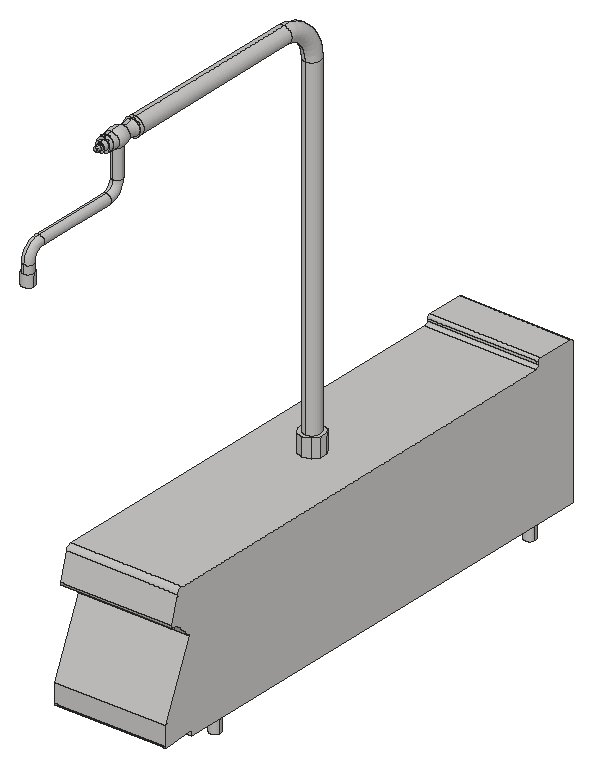
Revit family "QF_ZANUSSI_206380_WTNWTCT9Z", category Specialty Equipment, Revit 2018
Family settings
  Round Connector Dimension = Use Diameter
  Part Type = Normal
  Work Plane-Based = No
  Always vertical = Yes
  Cut with Voids When Loaded = No
  Shared = No
  Room Calculation Point = No
Parameters
  Weight = 0.00 kg
  Watts = 18.5806 W
  Volts = 230 V
  URL Manufacturer = "http://professional.electrolux.com/"
  URL = "http://professional.electrolux.com/"
  Steam Supply Size = 0"
  Steam Supply Minimum Pressure = 0.00 psi
  Steam Supply Maximum Pressure = 0.00 psi
  Steam Pounds per Hour = 0
  Refrigeration Suction Line Size = 0"
  Refrigeration Liquid Line Size = 0"
  Refrigerant Compressor Remote = yes
  Phase = 1
  Model = "WTNWTCT9Z"
  Manufacturer = "Zanussi"
  Length Actual = 200 mm  # constant formula
  Item Number = "206380"
  Hot Water Size = 0"
  Height Actual = 250 mm  # constant formula
  HP = "0,3 HP"
  Gas Size = 0"
  Gas KW = 0
  Gas Input Pressure = 0.0 Btu/h
  Description = "WORKTOP 200MM+WATER COLUMN+LT COUNT-900"
  Depth Actual = 900 mm  # constant formula
  Cycle = 0 Hz
  Condensate Return Size = 0"
  Compressed Air Volume = 0 GPM
  Compressed Air Size = 0"
  Compressed Air Pressure = 0.00 psi
  Cold Water Size = 0"
  Accessory = yes
Reference planes
  plane 1 "BACK": y = 0
  plane 2: z = 625
  plane 3 "LEFT": x = 0
  plane 4 "RIGHT": x = 200
  plane 5 "FRONT": y = -915
  plane 6 "TOP": z = 900
  plane 7 "Center Y": x = 100
  plane 8 "Center X": y = -457.5
  plane 9: z = 650
  plane 10: z = 1313
  plane 11: y = -82
  plane 12: y = -790
Forms (mm)
  Extrusion 1, solid, material "QF_Finishes_Stainless Steel"
    sketch origin (0, 0, 625) x (0, 1, 0) y (0, 0, 1)
      loop
        arc (-70.257, 289.458) -> (-73.771, 288.002) -> (-75.227, 284.488) r 4.97
        line (-75.227, 284.488) -> (-75.227, 280.454)
        arc (-75.227, 280.454) -> (-76.824, 276.597) -> (-80.681, 275) r 5.454
        line (-80.681, 275) -> (-877.207, 275)
        arc (-877.207, 275) -> (-883.903, 272.727) -> (-887.832, 266.848) r 11
        line (-887.832, 266.848) -> (-900.149, 220.895)
        arc (-900.149, 220.895) -> (-899.226, 217.123) -> (-895.55, 215.875) r 4.036
        line (-895.55, 215.875) -> (-889.182, 216.997) -> (-859.407, 187.223) -> (-915, 66.438) -> (-915, 32.889)
        arc (-915, 32.889) -> (-913.842, 30.288) -> (-911.134, 29.408) r 3.5
        line (-911.134, 29.408) -> (-856, 35.203) -> (-856, 25) -> (0, 25) -> (0, 285.5)
        arc (0, 285.5) -> (-1.164, 288.321) -> (-3.978, 289.5) r 4
        line (-3.978, 289.5) -> (-70.292, 289.5)
    from 0 to 200
  Extrusion 2, solid, material "QF_Finishes_Stainless Steel"
    sketch origin (0, 0, 625) x (1, 0, 0) y (0, 1, 0)
      loop
        circle (11, -82) r 9.525
      loop
        circle (11, -790) r 9.525
      loop
        circle (189, -82) r 9.525
      loop
        circle (189, -790) r 9.525
    from 0 to 25
  Extrusion 3, void
    sketch origin (0, 0, 0) x (1, 0, 0) y (0, 1, 0)
      loop
        line (174.475, -475) -> (174.475, -5) -> (25.75, -5) -> (25.75, -475) -> (174.475, -475)
    from 650 to 740.107
  Extrusion 4, solid, material "QF_Finishes_Stainless Steel"
    sketch origin (0, -80.681, 900) x (0, -1, 0) y (1, 0, 0)
      loop
        line (386.267, 78.729) -> (397.51, 86.897) -> (401.804, 100.113) -> (397.51, 113.329) -> (386.267, 121.497) -> (372.371, 121.497) -> (361.129, 113.329) -> (356.835, 100.113) -> (361.129, 86.897) -> (372.371, 78.729) -> (386.267, 78.729)
    from 0 to 33.172
  Sweep 5, solid, material "QF_Finishes_Stainless Steel"
    path origin (100, 175.397, 1219.2) x (0, 1, 0) y (0, 0, 1)
      loop
        line (-635.397, -286.028) -> (-635.397, 315.506)
        arc (-635.397, 315.506) -> (-654.435, 361.468) -> (-700.397, 380.506) r 65
        line (-700.397, 380.506) -> (-1034.618, 380.506)
    profile origin (100, -460, 1233.939) x (0, -1, 0) y (1, 0, 0)
      loop
        circle (0, 0) r 15
  Revolve 6, solid, material "QF_Finishes_Stainless Steel"
    sketch origin (100, 175.397, 1219.2) x (0, 1, 0) y (0, 0, 1)
      loop
        line (-1034.618, 396.495) -> (-1040.614, 396.495) -> (-1040.614, 393.846)
        arc (-1040.614, 393.846) -> (-1051.288, 391.581) -> (-1061.962, 393.846) r 26.279
        arc (-1061.962, 393.846) -> (-1074.462, 396.499) -> (-1086.962, 393.846) r 30.775
        line (-1086.962, 393.846) -> (-1097.574, 393.846) -> (-1097.574, 392.498) -> (-1104.569, 392.498) -> (-1104.569, 389.027) -> (-1112.564, 389.027) -> (-1112.564, 385.503) -> (-1115.062, 385.503) -> (-1115.062, 384.004) -> (-1122.057, 384.004) -> (-1122.057, 380.506) -> (-1034.618, 380.506) -> (-1034.618, 396.495)
      axis (-1034.618, 380.506) -> (-1122.057, 380.506)
    angle from 0 to 360
  Sweep 7, solid, material "QF_Finishes_Stainless Steel"
    path origin (100, 175.397, 1219.2) x (0, 1, 0) y (0, 0, 1)
      loop
        line (-1274.451, 250.597) -> (-1274.451, 265.569)
        arc (-1274.451, 265.569) -> (-1267.128, 283.247) -> (-1249.451, 290.569) r 25
        line (-1249.451, 290.569) -> (-1099.59, 290.569)
        arc (-1099.59, 290.569) -> (-1081.913, 297.891) -> (-1074.59, 315.569) r 25
        line (-1074.59, 315.569) -> (-1074.59, 368.448)
    profile origin (100, -899.193, 1561.209) x (0, -1, 0) y (1, 0, 0)
      loop
        circle (0, 0) r 9
  Extrusion 8, solid, material "QF_Finishes_Stainless Steel"
    sketch origin (100, -1099.053, 1469.797) x (1, 0, 0) y (0, -1, 0)
      loop
        circle (0, 0) r 10.985
    from 0 to 19.987
  Extrusion 9, solid, material "QF_Finishes_Stainless Steel"
    sketch origin (174.475, -475, 0) x (-1, 0, 0) y (0, 0, 1)
      loop
        circle (75.475, 674) r 10
    from 0 to 20
  Extrusion 10, solid, material "QF_Finishes_Stainless Steel"
    sketch origin (174.475, -475, 0) x (-1, 0, 0) y (0, 0, 1)
      loop
        circle (123.475, 728) r 8
    from 10 to 0
Cuts and joins
  Extrusion 3 cuts Extrusion 1
  joined: Extrusion 4, Sweep 5, Revolve 6, Sweep 7, Extrusion 8
Lines and regions (mm)
  Split face 1
    outline origin (0, -915, 691.438) x (0, 0.418102, 0.9084) y (-1, 0, 0)
      loop
        line (86.875, -190.113) -> (86.875, -10.113) -> (16.972, -10.113) -> (16.972, -190.113) -> (86.875, -190.113)
  Split face 2
    outline origin (0, -915, 691.438) x (0, 0.418102, 0.9084) y (-1, 0, 0)
      loop
        line (71.936, -77.53) -> (81.922, -77.53) -> (81.922, -67.53) -> (71.936, -67.53) -> (71.936, -77.53)
  Split face 3
    outline origin (0, -915, 691.438) x (0, 0.418102, 0.9084) y (-1, 0, 0)
      loop
        line (81.922, -85.113) -> (71.936, -85.113) -> (71.936, -115.113) -> (81.922, -115.113) -> (81.922, -85.113)
  Split face 4
    outline origin (0, -915, 691.438) x (0, 0.418102, 0.9084) y (-1, 0, 0)
      loop
        line (58.012, -85.113) -> (58.012, -95.113) -> (67.998, -95.113) -> (67.998, -85.113) -> (58.012, -85.113)
  symbolic lines
    curve 1: line (0, 0, 0) -> (200, 0, 0)
    curve 2: line (0, -915, 0) -> (0, 0, 0)
    curve 3: line (200, -915, 0) -> (113.34, -915, 0)
    curve 4: line (200, 0, 0) -> (200, -915, 0)
    curve 5: line (200, -900, 0) -> (115.944, -900, 0)
    curve 6: line (10.113, -907.904, 0) -> (10.113, -900, 0)
    curve 7: line (10.113, -907.904, 0) -> (85.262, -907.904, 0)
    curve 8: line (114.738, -907.904, 0) -> (190.113, -907.904, 0)
    curve 9: line (190.113, -907.904, 0) -> (190.113, -900, 0)
    curve 10: line (100.113, -437.516, 0) -> (86.897, -441.81, 0)
    curve 11: line (86.897, -441.81, 0) -> (78.729, -453.052, 0)
    curve 12: line (78.729, -453.052, 0) -> (78.729, -466.948, 0)
    curve 13: line (78.729, -466.948, 0) -> (85, -475.579, 0)
    curve 14: line (115, -475.89, 0) -> (121.497, -466.948, 0)
    curve 15: line (121.497, -466.948, 0) -> (121.497, -453.052, 0)
    curve 16: line (121.497, -453.052, 0) -> (113.329, -441.81, 0)
    curve 17: line (113.329, -441.81, 0) -> (100.113, -437.516, 0)
    curve 18: arc (85, -460, 0) -> (100, -445, 0) -> (115, -460, 0) r 15
    curve 19: line (85, -460, 0) -> (85, -859.221, 0)
    curve 20: line (84.011, -859.221, 0) -> (115.989, -859.221, 0)
    curve 21: line (84.011, -865.217, 0) -> (115.989, -865.217, 0)
    curve 22: line (86.66, -922.177, 0) -> (113.34, -922.177, 0)
    curve 23: line (88.008, -929.172, 0) -> (111.992, -929.172, 0)
    curve 24: line (91.479, -937.166, 0) -> (108.521, -937.166, 0)
    curve 25: line (95.003, -939.665, 0) -> (104.997, -939.665, 0)
    curve 26: line (96.502, -946.66, 0) -> (103.498, -946.66, 0)
    curve 27: arc (109, -1092.498, 0) -> (99.956, -1109.736, 0) -> (91, -1092.452, 0) r 10.977
    curve 28: arc (109, -1099.053, 0) -> (100, -1108.053, 0) -> (91, -1099.053, 0) r 9
    curve 29: line (91, -1099.053, 0) -> (91, -929.172, 0)
    curve 30: line (91.479, -937.166, 0) -> (91.479, -929.172, 0)
    curve 31: line (95.003, -939.665, 0) -> (95.003, -937.166, 0)
    curve 32: line (96.502, -946.66, 0) -> (96.502, -939.665, 0)
    curve 33: line (103.498, -946.66, 0) -> (103.498, -939.665, 0)
    curve 34: line (104.997, -939.665, 0) -> (104.997, -937.166, 0)
    curve 35: line (108.521, -937.166, 0) -> (108.521, -929.172, 0)
    curve 36: line (111.992, -929.172, 0) -> (111.992, -922.177, 0)
    curve 37: line (113.34, -922.177, 0) -> (113.34, -911.564, 0)
    curve 38: line (115.989, -859.221, 0) -> (115.989, -865.217, 0)
    curve 39: line (109, -1099.053, 0) -> (109, -929.172, 0)
    curve 40: line (86.66, -922.177, 0) -> (86.66, -911.564, 0)
    curve 41: line (86.66, -911.564, 0) -> (113.34, -911.564, 0)
    curve 42: line (88.008, -929.172, 0) -> (88.008, -922.177, 0)
    curve 43: line (84.011, -859.221, 0) -> (84.011, -865.217, 0)
    curve 44: line (115, -460, 0) -> (115, -859.221, 0)
    curve 45: line (86.66, -915, 0) -> (0, -915, 0)
    curve 46: line (84.056, -900, 0) -> (0, -900, 0)
    curve 47: line (0, -75, 0) -> (200, -75, 0)
    curve 48: arc (113.34, -865.217, 0) -> (110.925, -876.709, 0) -> (113.435, -888.182, 0) r 28
    curve 49: arc (113.435, -888.182, 0) -> (115.945, -899.883, 0) -> (113.34, -911.564, 0) r 28
    curve 50: arc (86.66, -865.217, 0) -> (89.075, -876.709, 0) -> (86.565, -888.182, 0) r 28
    curve 51: arc (86.565, -888.182, 0) -> (84.055, -899.883, 0) -> (86.66, -911.564, 0) r 28
  symbolic lines, style "QF_Door-Drawer Clearances"
    curve 52: circle (100, -899.196, 0) r 200 normal (0, 0, 1)
    curve 53: arc (-447.423, -790, 0) -> (100, -1099.196, 0) -> (647.423, -790, 0) r 639.196
Dimensions and locks
  equal spacing: plane 3 "LEFT", plane 7 "Center Y", plane 4 "RIGHT"
  plane 3 "LEFT" to plane 4 "RIGHT" = 200 mm
  equal spacing: plane 5 "FRONT", plane 8 "Center X", plane 1 "BACK"
  plane 5 "FRONT" to plane 1 "BACK" = 915 mm  (x2)
  plane 6 "TOP" to level = 900 mm
  plane 9 to level = 650 mm  (x2)
  plane 6 "TOP" to plane 9 = 250 mm  (x3)
  plane 10 to level = 1313 mm
  plane 10 to plane 9 = 663 mm
  plane 1 "BACK" to plane 5 "FRONT" = 915 mm  (x2)
  plane 5 "FRONT" to plane 12 to plane 11 to plane 1 "BACK" = 125 mm, 708 mm, 82 mm
  plane 9 to plane 2 = 25 mm
  plane 1 "BACK" to plane 11 = 82 mm
  plane 12 to plane 5 "FRONT" = 125 mm
  plane 10 to plane 6 "TOP" = 413 mm
  level to plane 6 "TOP" = 900 mm
  Extrusion 1 sketch curve to Extrusion 1 sketch curve = 39.496 mm
  Extrusion 1 sketch curve to Extrusion 1 sketch curve = 55.438 mm
  Extrusion 1 sketch curve to Extrusion 1 sketch curve = 5.296 mm
  plane 9 to Extrusion 9 sketch curve = 24 mm
  Extrusion 9 sketch curve to plane 3 "LEFT" = 99 mm
  plane 9 to Extrusion 10 sketch curve = 78 mm
  Extrusion 10 sketch curve to plane 3 "LEFT" = 51 mm
  radius of Extrusion 1 sketch curve = 4.036 mm
Automatic sketch dimensions
  Extrusion 2 sketch curve to plane 12 = 0 mm  (x2)
  plane 11 to Extrusion 2 sketch curve = 0 mm  (x2)
  plane 4 "RIGHT" to Extrusion 2 sketch curve = 11 mm  (x2)
  plane 3 "LEFT" to Extrusion 2 sketch curve = 11 mm  (x2)
  Extrusion 1 sketch curve to plane 5 "FRONT" = 0 mm
  Extrusion 1 sketch curve to Extrusion 1 sketch curve = 3.5 mm
  Extrusion 1 sketch curve to plane 5 "FRONT" = 14.851 mm
  Extrusion 1 sketch curve to Extrusion 1 sketch curve = 3.899 mm
  Extrusion 1 sketch curve to Extrusion 1 sketch curve = 0.701 mm
  Extrusion 1 sketch curve to Extrusion 1 sketch curve = 6.368 mm
  Extrusion 1 sketch curve to plane 5 "FRONT" = 27.168 mm
  Extrusion 1 sketch curve to Extrusion 1 sketch curve = 10.625 mm
  level to Extrusion 1 sketch curve = 650 mm
  Extrusion 1 sketch curve to plane 11 = 1.319 mm
  Extrusion 1 sketch curve to Extrusion 1 sketch curve = 5.454 mm
  Extrusion 1 sketch curve to Extrusion 1 sketch curve = 4.97 mm
  Extrusion 1 sketch curve to Extrusion 1 sketch curve = 0.022 mm
  plane 1 "BACK" to Extrusion 1 sketch curve = 0 mm
  level to Extrusion 1 sketch curve = 657.889 mm
  Extrusion 1 sketch curve to Extrusion 1 sketch curve = 10.203 mm
  Extrusion 1 sketch curve to Extrusion 1 sketch curve = 33.549 mm
  Extrusion 1 sketch curve to Extrusion 1 sketch curve = 28.652 mm
  Extrusion 1 sketch curve to Extrusion 1 sketch curve = 1.122 mm
  Extrusion 1 sketch curve to Extrusion 1 sketch curve = 44.15 mm
  Extrusion 1 sketch curve to Extrusion 1 sketch curve = 2.848 mm
  Extrusion 1 sketch curve to Extrusion 1 sketch curve = 4.034 mm
  Extrusion 1 sketch curve to Extrusion 1 sketch curve = 1.012 mm
  Extrusion 1 sketch curve to Extrusion 1 sketch curve = 4 mm
  Extrusion 1 sketch curve to Extrusion 1 sketch curve = 0.366 mm
  Extrusion 1 sketch curve to Extrusion 1 sketch curve = 0 mm  (x2)
  Extrusion 1 sketch curve to Extrusion 1 sketch curve = 0.036 mm  (x2)
  plane 3 "LEFT" to Extrusion 3 sketch curve = 25.75 mm
  plane 1 "BACK" to Extrusion 3 sketch curve = 5 mm
  plane 4 "RIGHT" to Extrusion 3 sketch curve = 25.525 mm
  Extrusion 3 sketch curve to plane 8 "Center X" = 17.5 mm
  Extrusion 1 to Extrusion 4 sketch curve = 99.887 mm  (x2)
  Extrusion 1 to Extrusion 4 sketch curve = 356.835 mm
  Extrusion 4 sketch curve to Extrusion 4 sketch curve = 4.294 mm  (x4)
  Extrusion 1 to Extrusion 4 sketch curve = 86.897 mm  (x2)
  Extrusion 4 sketch curve to Extrusion 4 sketch curve = 11.242 mm  (x4)
  Extrusion 1 to Extrusion 4 sketch curve = 86.671 mm  (x2)
  Extrusion 1 to Extrusion 4 sketch curve = 78.503 mm
  Extrusion 4 sketch curve to Extrusion 4 sketch curve = 13.896 mm
  Extrusion 1 to Extrusion 4 sketch curve = 78.729 mm
  Sweep 5 sketch curve to plane 8 "Center X" = 67.5 mm
  plane 10 to Sweep 5 sketch curve = 221.706 mm
  Sweep 5 sketch curve to plane 5 "FRONT" = 55.779 mm
  Sweep 5 sketch curve to plane 8 "Center X" = 2.5 mm
  Sweep 5 sketch curve to Sweep 5 sketch curve = 0 mm
  plane 6 "TOP" to Sweep 5 sketch curve = 33.172 mm
  Sweep 5 sketch curve to plane 7 "Center Y" = 0 mm
  Sweep 5 sketch curve to profile plane = 0 mm
  plane 5 "FRONT" to Sweep 7 sketch curve = 159.053 mm
  plane 5 "FRONT" to Sweep 7 sketch curve = 9.193 mm
  Sweep 7 sketch curve to plane 5 "FRONT" = 15.807 mm
  plane 10 to Sweep 7 sketch curve = 171.769 mm
  Sweep 7 sketch curve to Sweep 7 sketch curve = 25 mm
  Sweep 7 sketch curve to Sweep 7 sketch curve = 14.972 mm  (x2)
  Sweep 7 sketch curve to Sweep 7 sketch curve = 52.879 mm
  Sweep 7 sketch curve to plane 7 "Center Y" = 0 mm
  Sweep 7 sketch curve to profile plane = 0 mm
  Split face 1 sketch curve to Extrusion 1 = 10.113 mm
  Extrusion 1 to Split face 1 sketch curve = 46.09 mm
  Split face 1 sketch curve to Extrusion 1 = 16.972 mm
  Split face 1 sketch curve to Extrusion 1 = 9.887 mm
  Extrusion 1 to Split face 2 sketch curve = 61.029 mm
  Split face 2 sketch curve to Extrusion 1 = 67.53 mm
  Split face 2 sketch curve to Split face 2 sketch curve = 9.986 mm
  Split face 2 sketch curve to Split face 2 sketch curve = 10 mm
  Extrusion 1 to Split face 3 sketch curve = 51.043 mm
  Split face 3 sketch curve to Extrusion 1 = 84.887 mm
  Split face 3 sketch curve to Split face 3 sketch curve = 9.986 mm
  Split face 3 sketch curve to Split face 3 sketch curve = 30 mm
  Split face 4 sketch curve to Extrusion 1 = 58.012 mm
  Split face 4 sketch curve to Split face 4 sketch curve = 9.986 mm
  Split face 4 sketch curve to Extrusion 1 = 95.113 mm
  Split face 4 sketch curve to Split face 4 sketch curve = 10 mm
  plane 5 "FRONT" to Revolve 6 sketch curve = 31.66 mm
  Revolve 6 sketch curve to Revolve 6 sketch curve = 6.995 mm  (x2)
  Revolve 6 sketch curve to Revolve 6 sketch curve = 2.498 mm
  Revolve 6 sketch curve to Revolve 6 sketch curve = 7.994 mm
  Revolve 6 sketch curve to plane 5 "FRONT" = 3.436 mm
  Revolve 6 sketch curve to plane 5 "FRONT" = 15.936 mm
  Revolve 6 sketch curve to plane 5 "FRONT" = 39.11 mm
  Revolve 6 sketch curve to Revolve 6 sketch curve = 10.674 mm
  Revolve 6 sketch curve to Revolve 6 sketch curve = 5.996 mm
  plane 10 to Revolve 6 sketch curve = 271.924 mm
  Revolve 6 sketch curve to Revolve 6 sketch curve = 14.782 mm
  Revolve 6 sketch curve to Revolve 6 sketch curve = 3.498 mm
  Revolve 6 sketch curve to Revolve 6 sketch curve = 1.499 mm
  Revolve 6 sketch curve to Revolve 6 sketch curve = 3.524 mm
  Revolve 6 sketch curve to Revolve 6 sketch curve = 3.47 mm
  Revolve 6 sketch curve to Revolve 6 sketch curve = 1.348 mm
  Revolve 6 sketch curve to Revolve 6 sketch curve = 15.989 mm
  Revolve 6 sketch curve to Revolve 6 sketch curve = 21.364 mm
  Revolve 6 sketch curve to Revolve 6 sketch curve = 0 mm  (x3)
  Revolve 6 sketch curve to Revolve 6 sketch curve = 5 mm
  curve 18 to curve 53 = 0 mm  (x2)
  curve 53 to plane 12 = 0 mm  (x2)
  plane 1 "BACK" to curve 1 = 0 mm
  curve 1 to plane 3 "LEFT" = 0 mm
  plane 5 "FRONT" to curve 45 = 0 mm
  curve 18 to plane 7 "Center Y" = 0 mm
  curve 28 to plane 7 "Center Y" = 0 mm
  plane 5 "FRONT" to curve 3 = 0 mm
  curve 4 to plane 4 "RIGHT" = 0 mm
  plane 3 "LEFT" to curve 7 = 10.113 mm
  curve 50 to plane 7 "Center Y" = 38.924 mm
  plane 8 "Center X" to curve 11 = 4.448 mm
  curve 11 to plane 7 "Center Y" = 21.271 mm
  curve 21 to plane 7 "Center Y" = 15.989 mm
  curve 19 to plane 8 "Center X" = 2.5 mm
  curve 11 to curve 19 = 6.271 mm
  curve 22 to plane 7 "Center Y" = 13.34 mm
  curve 11 to plane 7 "Center Y" = 13.103 mm
  curve 40 to curve 49 = 1.285 mm
  curve 22 to curve 42 = 1.348 mm
  curve 29 to plane 7 "Center Y" = 9 mm
  curve 29 to curve 24 = 0.479 mm
  curve 24 to curve 25 = 3.524 mm
  curve 32 to plane 7 "Center Y" = 3.498 mm
  curve 27 to plane 7 "Center Y" = 0.016 mm
  plane 7 "Center Y" to curve 52 = 0 mm
  plane 7 "Center Y" to curve 10 = 0.113 mm
  plane 7 "Center Y" to curve 33 = 3.498 mm
  curve 33 to curve 34 = 1.499 mm
  curve 34 to curve 24 = 3.524 mm
  curve 39 to curve 23 = 2.992 mm
  plane 7 "Center Y" to curve 51 = 12.055 mm
  plane 7 "Center Y" to curve 16 = 13.329 mm
  curve 37 to plane 5 "FRONT" = 3.436 mm
  curve 36 to curve 37 = 1.348 mm
  curve 44 to curve 38 = 0.989 mm
  plane 8 "Center X" to curve 15 = 4.448 mm
  curve 18 to curve 15 = 6.497 mm
  curve 21 to curve 48 = 22.935 mm
  plane 4 "RIGHT" to curve 9 = 9.887 mm
  curve 22 to curve 3 = 7.177 mm
  curve 36 to curve 36 = 6.995 mm
  curve 30 to curve 30 = 7.994 mm
  curve 25 to curve 31 = 2.498 mm
  curve 32 to curve 32 = 6.995 mm
  curve 27 to curve 26 = 152.099 mm
  curve 29 to curve 27 = 0.294 mm
  curve 7 to plane 5 "FRONT" = 7.096 mm
  curve 9 to plane 5 "FRONT" = 7.096 mm
  curve 8 to curve 51 = 8.134 mm
  curve 7 to curve 49 = 8.134 mm
  curve 51 to curve 52 = 0.574 mm
  curve 51 to curve 48 = 23.176 mm
  curve 49 to curve 50 = 23.176 mm
  curve 49 to curve 38 = 22.965 mm
  curve 21 to curve 38 = 5.996 mm
  curve 13 to curve 19 = 6.948 mm
  curve 14 to plane 8 "Center X" = 9.448 mm
  curve 11 to curve 10 = 11.242 mm
  curve 15 to curve 16 = 11.242 mm
  curve 10 to curve 10 = 4.294 mm
  curve 53 to plane 3 "LEFT" = 447.423 mm
  curve 46 to curve 49 = 3.89 mm
  curve 50 to curve 51 = 0 mm
  curve 48 to curve 21 = 2.649 mm
  curve 51 to curve 5 = 3.89 mm
  curve 28 to curve 27 = 6.601 mm
  curve 14 to curve 14 = 8.942 mm
  curve 13 to curve 12 = 8.631 mm
  curve 47 to plane 11 = 7 mm
  radius of Extrusion 2 sketch curve = 9.525 mm  (x4)
  radius of Sweep 5 sketch curve = 15 mm
  radius of Sweep 7 sketch curve = 9 mm
  radius of Sweep 7 to Extrusion 8 sketch curve = 1.985 mm
  radius of curve 52 = 200 mm
  radius of Extrusion 9 sketch curve = 10 mm
  radius of Extrusion 10 sketch curve = 8 mm
Connectors
  electrical at (51, -465, 728), driven by "Volts"
    settings: on Extrusion 10, index 1, voltage 230 V, apparent load 0 VA, apparent load phase1 0 VA, apparent load phase2 0 VA, apparent load phase3 0 VA, power factor 1, load classification "Altro", number of poles 1, system type 30, power factor state 1, is connector primary yes, connector utility no, sub classification motor no, connector description "Electrical Connection"
  piping at (99, -455, 674), diameter 20
    settings: on Extrusion 9, index 2, connector inside diameter 24", connector length 0 mm, flow factor 0, pipe flow 0 GPM, pressure drop 0.00 psi, fitting loss kfactor 0, connector angle 0.00°, fixture units 0, engagement length 0 mm, angle of deflection 0.00°, flow configuration 1, flow direction 1, fitting loss method 0, system type 20, joint type 0, gender type 0, connector reference index -1, connector utility 0, adjustable connector no, is connector primary yes, connector description "Cold Water Inlet"
